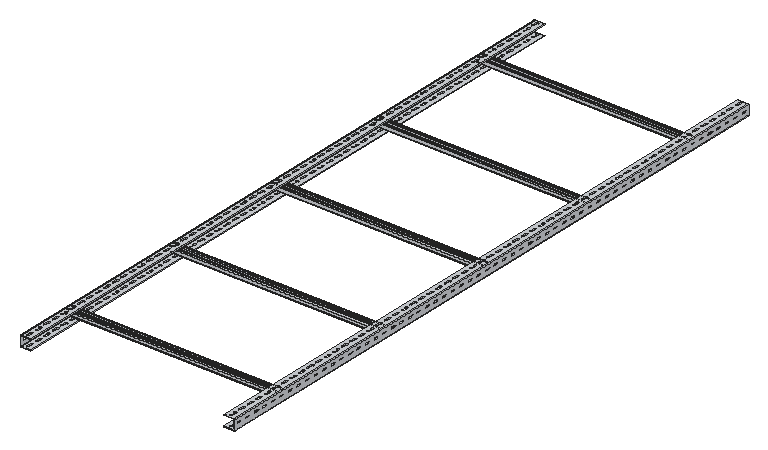
Revit family "steigeleiter_1000_FT", category Generic Models, Revit 2017 (continued)
Dimensions and locks
  locked: Extrusion 340 sketch curve to Extrusion 340 sketch curve at 11
  locked: Extrusion 341 sketch curve to Extrusion 341 sketch curve at 11
  locked: Extrusion 342 sketch curve to Extrusion 342 sketch curve at 11
  locked: Extrusion 343 sketch curve to Extrusion 343 sketch curve at 11
  locked: Extrusion 344 sketch curve to Extrusion 344 sketch curve at 11
  locked: Extrusion 345 sketch curve to Extrusion 345 sketch curve at 11
  locked: Extrusion 346 sketch curve to Extrusion 346 sketch curve at 11
  locked: Extrusion 347 sketch curve to Extrusion 347 sketch curve at 11
  locked: Extrusion 348 sketch curve to Extrusion 348 sketch curve at 11
  locked: Extrusion 349 sketch curve to Extrusion 349 sketch curve at 11
  locked: Extrusion 350 sketch curve to Extrusion 350 sketch curve at 11
  locked: Extrusion 351 sketch curve to Extrusion 351 sketch curve at 11
  locked: Extrusion 352 sketch curve to Extrusion 352 sketch curve at 11
  locked: Extrusion 353 sketch curve to Extrusion 353 sketch curve at 11
  locked: Extrusion 354 sketch curve to Extrusion 354 sketch curve at 11
  locked: Extrusion 355 sketch curve to Extrusion 355 sketch curve at 11
  locked: Extrusion 356 sketch curve to Extrusion 356 sketch curve at 11
  locked: Extrusion 357 sketch curve to Extrusion 357 sketch curve at 11
  locked: Extrusion 358 sketch curve to Extrusion 358 sketch curve at 11
  locked: Extrusion 359 sketch curve to Extrusion 359 sketch curve at 11
  locked: Extrusion 360 sketch curve to Extrusion 360 sketch curve at 11
  locked: Extrusion 361 sketch curve to Extrusion 361 sketch curve at 11
  group 357 to group 358 = 0 mm  (x2)
  group 358 to group 357 = 50 mm
  "Length 2": plane 1 "Center (Front/Back)" to plane 6
  locked: Extrusion 362 sketch curve to Extrusion 362 sketch curve at 2  (x5)
  locked: Extrusion 363 sketch curve to Extrusion 363 sketch curve at 2  (x5)
  equal spacing: group 359, group 360, group 361, group 362, group 363  (x3)
  locked: Extrusion 364 sketch curve to Extrusion 364 sketch curve at 2  (x5)
  locked: Extrusion 365 sketch curve to Extrusion 365 sketch curve at 2  (x5)
  locked: Extrusion 366 sketch curve to Extrusion 366 sketch curve at 2  (x5)
  aligned and locked: level to plane 2
  aligned and locked: Extrusion 1 sketch curve to level
  aligned and locked: level to Extrusion 1 sketch curve
  aligned and locked: plane 5 to Extrusion 1
  aligned and locked: Extrusion 1 to level
  aligned and locked: Extrusion 1 to Extrusion 2  (x2)
  aligned and locked: Extrusion 1 to Extrusion 62  (x2)
  aligned and locked: Extrusion 122 to level
  aligned and locked: Extrusion 1 to Extrusion 122
  aligned and locked: Extrusion 182 to level
  aligned and locked: cut or joined group 1 (Extrusion 1, Extrusion 2, Extrusion 3, Extrusion 4, Extrusion 5, Extrusion 6, Extrusion 7, Extrusion 8, Extrusion 9, Extrusion 10, Extrusion 11, Extrusion 12, Extrusion 13, Extrusion 14, Extrusion 15, Extrusion 16, Extrusion 17, Extrusion 18, Extrusion 19, Extrusion 20, Extrusion 21, Extrusion 22, Extrusion 23, Extrusion 24, Extrusion 25, Extrusion 26, Extrusion 27, Extrusion 28, Extrusion 29, Extrusion 30, Extrusion 31, Extrusion 32, Extrusion 33, Extrusion 34, Extrusion 35, Extrusion 36, Extrusion 37, Extrusion 38, Extrusion 39, Extrusion 40, Extrusion 41, Extrusion 42, Extrusion 43, Extrusion 44, Extrusion 45, Extrusion 46, Extrusion 47, Extrusion 48, Extrusion 49, Extrusion 50, Extrusion 51, Extrusion 52, Extrusion 53, Extrusion 54, Extrusion 55, Extrusion 56, Extrusion 57, Extrusion 58, Extrusion 59, Extrusion 60, Extrusion 61, Extrusion 62, Extrusion 63, Extrusion 64, Extrusion 65, Extrusion 66, Extrusion 67, Extrusion 68, Extrusion 69, Extrusion 70, Extrusion 71, Extrusion 72, Extrusion 73, Extrusion 74, Extrusion 75, Extrusion 76, Extrusion 77, Extrusion 78, Extrusion 79, Extrusion 80, Extrusion 81, Extrusion 82, Extrusion 83, Extrusion 84, Extrusion 85, Extrusion 86, Extrusion 87, Extrusion 88, Extrusion 89, Extrusion 90, Extrusion 91, Extrusion 92, Extrusion 93, Extrusion 94, Extrusion 95, Extrusion 96, Extrusion 97, Extrusion 98, Extrusion 99, Extrusion 100, Extrusion 101, Extrusion 102, Extrusion 103, Extrusion 104, Extrusion 105, Extrusion 106, Extrusion 107, Extrusion 108, Extrusion 109, Extrusion 110, Extrusion 111, Extrusion 112, Extrusion 113, Extrusion 114, Extrusion 115, Extrusion 116, Extrusion 117, Extrusion 118, Extrusion 119, Extrusion 120, Extrusion 121, Extrusion 122, Extrusion 123, Extrusion 124, Extrusion 125, Extrusion 126, Extrusion 127, Extrusion 128, Extrusion 129, Extrusion 130, Extrusion 131, Extrusion 132, Extrusion 133, Extrusion 134, Extrusion 135, Extrusion 136, Extrusion 137, Extrusion 138, Extrusion 139, Extrusion 140, Extrusion 141, Extrusion 142, Extrusion 143, Extrusion 144, Extrusion 145, Extrusion 146, Extrusion 147, Extrusion 148, Extrusion 149, Extrusion 150, Extrusion 151, Extrusion 152, Extrusion 153, Extrusion 154, Extrusion 155, Extrusion 156, Extrusion 157, Extrusion 158, Extrusion 159, Extrusion 160, Extrusion 161, Extrusion 162, Extrusion 163, Extrusion 164, Extrusion 165, Extrusion 166, Extrusion 167, Extrusion 168, Extrusion 169, Extrusion 170, Extrusion 171, Extrusion 172, Extrusion 173, Extrusion 174, Extrusion 175, Extrusion 176, Extrusion 177, Extrusion 178, Extrusion 179, Extrusion 180, Extrusion 181, Extrusion 182, Extrusion 183, Extrusion 184, Extrusion 185, Extrusion 186, Extrusion 187, Extrusion 188, Extrusion 189, Extrusion 190, Extrusion 191, Extrusion 192, Extrusion 193, Extrusion 194, Extrusion 195, Extrusion 196, Extrusion 197, Extrusion 198, Extrusion 199, Extrusion 200, Extrusion 201, Extrusion 202, Extrusion 203, Extrusion 204, Extrusion 205, Extrusion 206, Extrusion 207, Extrusion 208, Extrusion 209, Extrusion 210, Extrusion 211, Extrusion 212, Extrusion 213, Extrusion 214, Extrusion 215, Extrusion 216, Extrusion 217, Extrusion 218, Extrusion 219, Extrusion 220, Extrusion 221, Extrusion 222, Extrusion 223, Extrusion 224, Extrusion 225, Extrusion 226, Extrusion 227, Extrusion 228, Extrusion 229, Extrusion 230, Extrusion 231, Extrusion 232, Extrusion 233, Extrusion 234, Extrusion 235, Extrusion 236, Extrusion 237, Extrusion 238, Extrusion 239, Extrusion 240, Extrusion 241, Extrusion 242, Extrusion 243, Extrusion 244, Extrusion 245, Extrusion 246, Extrusion 247, Extrusion 248, Extrusion 249, Extrusion 250, Extrusion 251, Extrusion 252, Extrusion 253, Extrusion 254, Extrusion 255, Extrusion 256, Extrusion 257, Extrusion 258, Extrusion 259, Extrusion 260, Extrusion 261, Extrusion 262, Extrusion 263, Extrusion 264, Extrusion 265, Extrusion 266, Extrusion 267, Extrusion 268, Extrusion 269, Extrusion 270, Extrusion 271, Extrusion 272, Extrusion 273, Extrusion 274, Extrusion 275, Extrusion 276, Extrusion 277, Extrusion 278, Extrusion 279, Extrusion 280, Extrusion 281, Extrusion 282, Extrusion 283, Extrusion 284, Extrusion 285, Extrusion 286, Extrusion 287, Extrusion 288, Extrusion 289, Extrusion 290, Extrusion 291, Extrusion 292, Extrusion 293, Extrusion 294, Extrusion 295, Extrusion 296, Extrusion 297, Extrusion 298, Extrusion 299, Extrusion 300, Extrusion 301, Extrusion 302, Extrusion 303, Extrusion 304, Extrusion 305, Extrusion 306, Extrusion 307, Extrusion 308, Extrusion 309, Extrusion 310, Extrusion 311, Extrusion 312, Extrusion 313, Extrusion 314, Extrusion 315, Extrusion 316, Extrusion 317, Extrusion 318, Extrusion 319, Extrusion 320, Extrusion 321, Extrusion 322, Extrusion 323, Extrusion 324, Extrusion 325, Extrusion 326, Extrusion 327, Extrusion 328, Extrusion 329, Extrusion 330, Extrusion 331, Extrusion 332, Extrusion 333, Extrusion 334, Extrusion 335, Extrusion 336, Extrusion 337, Extrusion 338, Extrusion 339, Extrusion 340, Extrusion 341, Extrusion 342, Extrusion 343, Extrusion 344, Extrusion 345, Extrusion 346, Extrusion 347, Extrusion 348, Extrusion 349, Extrusion 350, Extrusion 351, Extrusion 352, Extrusion 353, Extrusion 354, Extrusion 355, Extrusion 356, Extrusion 357, Extrusion 358, Extrusion 359, Extrusion 360, Extrusion 361) to cut or joined group of Extrusion 1, Extrusion 2, Extrusion 3, Extrusion 4, Extrusion 5, Extrusion 6, Extrusion 7, Extrusion 8, Extrusion 9, Extrusion 10, Extrusion 11, Extrusion 12, Extrusion 13, Extrusion 14, Extrusion 15, Extrusion 16, Extrusion 17, Extrusion 18, Extrusion 19, Extrusion 20, Extrusion 21, Extrusion 22, Extrusion 23, Extrusion 24, Extrusion 25, Extrusion 26, Extrusion 27, Extrusion 28, Extrusion 29, Extrusion 30, Extrusion 31, Extrusion 32, Extrusion 33, Extrusion 34, Extrusion 35, Extrusion 36, Extrusion 37, Extrusion 38, Extrusion 39, Extrusion 40, Extrusion 41, Extrusion 42, Extrusion 43, Extrusion 44, Extrusion 45, Extrusion 46, Extrusion 47, Extrusion 48, Extrusion 49, Extrusion 50, Extrusion 51, Extrusion 52, Extrusion 53, Extrusion 54, Extrusion 55, Extrusion 56, Extrusion 57, Extrusion 58, Extrusion 59, Extrusion 60, Extrusion 61, Extrusion 62, Extrusion 63, Extrusion 64, Extrusion 65, Extrusion 66, Extrusion 67, Extrusion 68, Extrusion 69, Extrusion 70, Extrusion 71, Extrusion 72, Extrusion 73, Extrusion 74, Extrusion 75, Extrusion 76, Extrusion 77, Extrusion 78, Extrusion 79, Extrusion 80, Extrusion 81, Extrusion 82, Extrusion 83, Extrusion 84, Extrusion 85, Extrusion 86, Extrusion 87, Extrusion 88, Extrusion 89, Extrusion 90, Extrusion 91, Extrusion 92, Extrusion 93, Extrusion 94, Extrusion 95, Extrusion 96, Extrusion 97, Extrusion 98, Extrusion 99, Extrusion 100, Extrusion 101, Extrusion 102, Extrusion 103, Extrusion 104, Extrusion 105, Extrusion 106, Extrusion 107, Extrusion 108, Extrusion 109, Extrusion 110, Extrusion 111, Extrusion 112, Extrusion 113, Extrusion 114, Extrusion 115, Extrusion 116, Extrusion 117, Extrusion 118, Extrusion 119, Extrusion 120, Extrusion 121, Extrusion 122, Extrusion 123, Extrusion 124, Extrusion 125, Extrusion 126, Extrusion 127, Extrusion 128, Extrusion 129, Extrusion 130, Extrusion 131, Extrusion 132, Extrusion 133, Extrusion 134, Extrusion 135, Extrusion 136, Extrusion 137, Extrusion 138, Extrusion 139, Extrusion 140, Extrusion 141, Extrusion 142, Extrusion 143, Extrusion 144, Extrusion 145, Extrusion 146, Extrusion 147, Extrusion 148, Extrusion 149, Extrusion 150, Extrusion 151, Extrusion 152, Extrusion 153, Extrusion 154, Extrusion 155, Extrusion 156, Extrusion 157, Extrusion 158, Extrusion 159, Extrusion 160, Extrusion 161, Extrusion 162, Extrusion 163, Extrusion 164, Extrusion 165, Extrusion 166, Extrusion 167, Extrusion 168, Extrusion 169, Extrusion 170, Extrusion 171, Extrusion 172, Extrusion 173, Extrusion 174, Extrusion 175, Extrusion 176, Extrusion 177, Extrusion 178, Extrusion 179, Extrusion 180, Extrusion 181, Extrusion 182, E
    xtrusion 183, Extrusion 184, Extrusion 185, Extrusion 186, Extrusion 187, Extrusion 188, Extrusion 189, Extrusion 190, Extrusion 191, Extrusion 192, Extrusion 193, Extrusion 194, Extrusion 195, Extrusion 196, Extrusion 197, Extrusion 198, Extrusion 199, Extrusion 200, Extrusion 201, Extrusion 202, Extrusion 203, Extrusion 204, Extrusion 205, Extrusion 206, Extrusion 207, Extrusion 208, Extrusion 209, Extrusion 210, Extrusion 211, Extrusion 212, Extrusion 213, Extrusion 214, Extrusion 215, Extrusion 216, Extrusion 217, Extrusion 218, Extrusion 219, Extrusion 220, Extrusion 221, Extrusion 222, Extrusion 223, Extrusion 224, Extrusion 225, Extrusion 226, Extrusion 227, Extrusion 228, Extrusion 229, Extrusion 230, Extrusion 231, Extrusion 232, Extrusion 233, Extrusion 234, Extrusion 235, Extrusion 236, Extrusion 237, Extrusion 238, Extrusion 239, Extrusion 240, Extrusion 241, Extrusion 242, Extrusion 243, Extrusion 244, Extrusion 245, Extrusion 246, Extrusion 247, Extrusion 248, Extrusion 249, Extrusion 250, Extrusion 251, Extrusion 252, Extrusion 253, Extrusion 254, Extrusion 255, Extrusion 256, Extrusion 257, Extrusion 258, Extrusion 259, Extrusion 260, Extrusion 261, Extrusion 262, Extrusion 263, Extrusion 264, Extrusion 265, Extrusion 266, Extrusion 267, Extrusion 268, Extrusion 269, Extrusion 270, Extrusion 271, Extrusion 272, Extrusion 273, Extrusion 274, Extrusion 275, Extrusion 276, Extrusion 277, Extrusion 278, Extrusion 279, Extrusion 280, Extrusion 281, Extrusion 282, Extrusion 283, Extrusion 284, Extrusion 285, Extrusion 286, Extrusion 287, Extrusion 288, Extrusion 289, Extrusion 290, Extrusion 291, Extrusion 292, Extrusion 293, Extrusion 294, Extrusion 295, Extrusion 296, Extrusion 297, Extrusion 298, Extrusion 299, Extrusion 300, Extrusion 301, Extrusion 302, Extrusion 303, Extrusion 304, Extrusion 305, Extrusion 306, Extrusion 307, Extrusion 308, Extrusion 309, Extrusion 310, Extrusion 311, Extrusion 312, Extrusion 313, Extrusion 314, Extrusion 315, Extrusion 316, Extrusion 317, Extrusion 318, Extrusion 319, Extrusion 320, Extrusion 321, Extrusion 322, Extrusion 323, Extrusion 324, Extrusion 325, Extrusion 326, Extrusion 327, Extrusion 328, Extrusion 329, Extrusion 330, Extrusion 331, Extrusion 332, Extrusion 333, Extrusion 334, Extrusion 335, Extrusion 336, Extrusion 337, Extrusion 338, Extrusion 339, Extrusion 340, Extrusion 341, Extrusion 342, Extrusion 343, Extrusion 344, Extrusion 345, Extrusion 346, Extrusion 347, Extrusion 348, Extrusion 349, Extrusion 350, Extrusion 351, Extrusion 352, Extrusion 353, Extrusion 354, Extrusion 355, Extrusion 356, Extrusion 357, Extrusion 358, Extrusion 359, Extrusion 360, Extrusion 361  (x2)
  aligned and locked: Extrusion 362 sketch curve to Extrusion 362 sketch curve
  aligned and locked: Extrusion 362 to cut or joined group 1
  aligned and locked: cut or joined group 1 to Extrusion 362
  aligned and locked: Extrusion 363 sketch curve to Extrusion 363 sketch curve
  aligned and locked: Extrusion 364 sketch curve to Extrusion 364 sketch curve
  aligned and locked: Extrusion 365 sketch curve to Extrusion 365 sketch curve
  aligned and locked: Extrusion 366 sketch curve to Extrusion 366 sketch curve
Automatic sketch dimensions
  Extrusion 1 sketch curve to Extrusion 1 sketch curve = 1.5 mm  (x3)
  Extrusion 1 sketch curve to Extrusion 1 sketch curve = 3.273 mm
  Extrusion 1 sketch curve to Extrusion 1 sketch curve = 1.011 mm
  Extrusion 1 sketch curve to Extrusion 1 sketch curve = 1.773 mm
  Extrusion 1 sketch curve to Extrusion 1 sketch curve = 0 mm  (x2)
  Extrusion 1 sketch curve to plane 3 "Center (Left/Right)" = 450 mm
  plane 3 "Center (Left/Right)" to Extrusion 1 sketch curve = 450 mm
  Extrusion 2 sketch curve to Extrusion 2 sketch curve = 19 mm
  Extrusion 3 sketch curve to Extrusion 3 sketch curve = 19 mm
  Extrusion 4 sketch curve to Extrusion 4 sketch curve = 19 mm
  Extrusion 5 sketch curve to Extrusion 5 sketch curve = 19 mm
  Extrusion 6 sketch curve to Extrusion 6 sketch curve = 19 mm
  Extrusion 7 sketch curve to Extrusion 7 sketch curve = 19 mm
  Extrusion 8 sketch curve to Extrusion 8 sketch curve = 19 mm
  Extrusion 9 sketch curve to Extrusion 9 sketch curve = 19 mm
  Extrusion 10 sketch curve to Extrusion 10 sketch curve = 19 mm
  Extrusion 11 sketch curve to Extrusion 11 sketch curve = 19 mm
  Extrusion 12 sketch curve to Extrusion 12 sketch curve = 19 mm
  Extrusion 13 sketch curve to Extrusion 13 sketch curve = 19 mm
  Extrusion 14 sketch curve to Extrusion 14 sketch curve = 19 mm
  Extrusion 15 sketch curve to Extrusion 15 sketch curve = 19 mm
  Extrusion 16 sketch curve to Extrusion 16 sketch curve = 19 mm
  Extrusion 17 sketch curve to Extrusion 17 sketch curve = 19 mm
  Extrusion 18 sketch curve to Extrusion 18 sketch curve = 19 mm
  Extrusion 19 sketch curve to Extrusion 19 sketch curve = 19 mm
  Extrusion 20 sketch curve to Extrusion 20 sketch curve = 19 mm
  Extrusion 21 sketch curve to Extrusion 21 sketch curve = 19 mm
  Extrusion 22 sketch curve to Extrusion 22 sketch curve = 19 mm
  Extrusion 23 sketch curve to Extrusion 23 sketch curve = 19 mm
  Extrusion 24 sketch curve to Extrusion 24 sketch curve = 19 mm
  Extrusion 25 sketch curve to Extrusion 25 sketch curve = 19 mm
  Extrusion 26 sketch curve to Extrusion 26 sketch curve = 19 mm
  Extrusion 27 sketch curve to Extrusion 27 sketch curve = 19 mm
  Extrusion 28 sketch curve to Extrusion 28 sketch curve = 19 mm
  Extrusion 29 sketch curve to Extrusion 29 sketch curve = 19 mm
  Extrusion 30 sketch curve to Extrusion 30 sketch curve = 19 mm
  Extrusion 31 sketch curve to Extrusion 31 sketch curve = 19 mm
  Extrusion 32 sketch curve to Extrusion 32 sketch curve = 19 mm
  Extrusion 33 sketch curve to Extrusion 33 sketch curve = 19 mm
  Extrusion 34 sketch curve to Extrusion 34 sketch curve = 19 mm
  Extrusion 35 sketch curve to Extrusion 35 sketch curve = 19 mm
  Extrusion 36 sketch curve to Extrusion 36 sketch curve = 19 mm
  Extrusion 37 sketch curve to Extrusion 37 sketch curve = 19 mm
  Extrusion 38 sketch curve to Extrusion 38 sketch curve = 19 mm
  Extrusion 39 sketch curve to Extrusion 39 sketch curve = 19 mm
  Extrusion 40 sketch curve to Extrusion 40 sketch curve = 19 mm
  Extrusion 41 sketch curve to Extrusion 41 sketch curve = 19 mm
  Extrusion 42 sketch curve to Extrusion 42 sketch curve = 19 mm
  Extrusion 43 sketch curve to Extrusion 43 sketch curve = 19 mm
  Extrusion 44 sketch curve to Extrusion 44 sketch curve = 19 mm
  Extrusion 45 sketch curve to Extrusion 45 sketch curve = 19 mm
  Extrusion 46 sketch curve to Extrusion 46 sketch curve = 19 mm
  Extrusion 47 sketch curve to Extrusion 47 sketch curve = 19 mm
  Extrusion 48 sketch curve to Extrusion 48 sketch curve = 19 mm
  Extrusion 49 sketch curve to Extrusion 49 sketch curve = 19 mm
  Extrusion 50 sketch curve to Extrusion 50 sketch curve = 19 mm
  Extrusion 51 sketch curve to Extrusion 51 sketch curve = 19 mm
  Extrusion 52 sketch curve to Extrusion 52 sketch curve = 19 mm
  Extrusion 53 sketch curve to Extrusion 53 sketch curve = 19 mm
  Extrusion 54 sketch curve to Extrusion 54 sketch curve = 19 mm
  Extrusion 55 sketch curve to Extrusion 55 sketch curve = 19 mm
  Extrusion 56 sketch curve to Extrusion 56 sketch curve = 19 mm
  Extrusion 57 sketch curve to Extrusion 57 sketch curve = 19 mm
  Extrusion 58 sketch curve to Extrusion 58 sketch curve = 19 mm
  Extrusion 59 sketch curve to Extrusion 59 sketch curve = 19 mm
  Extrusion 60 sketch curve to Extrusion 60 sketch curve = 19 mm
  Extrusion 61 sketch curve to Extrusion 61 sketch curve = 19 mm
  Extrusion 62 sketch curve to Extrusion 62 sketch curve = 19 mm
  Extrusion 63 sketch curve to Extrusion 63 sketch curve = 19 mm
  Extrusion 64 sketch curve to Extrusion 64 sketch curve = 19 mm
  Extrusion 65 sketch curve to Extrusion 65 sketch curve = 19 mm
  Extrusion 66 sketch curve to Extrusion 66 sketch curve = 19 mm
  Extrusion 67 sketch curve to Extrusion 67 sketch curve = 19 mm
  Extrusion 68 sketch curve to Extrusion 68 sketch curve = 19 mm
  Extrusion 69 sketch curve to Extrusion 69 sketch curve = 19 mm
  Extrusion 70 sketch curve to Extrusion 70 sketch curve = 19 mm
  Extrusion 71 sketch curve to Extrusion 71 sketch curve = 19 mm
  Extrusion 72 sketch curve to Extrusion 72 sketch curve = 19 mm
  Extrusion 73 sketch curve to Extrusion 73 sketch curve = 19 mm
  Extrusion 74 sketch curve to Extrusion 74 sketch curve = 19 mm
  Extrusion 75 sketch curve to Extrusion 75 sketch curve = 19 mm
  Extrusion 76 sketch curve to Extrusion 76 sketch curve = 19 mm
  Extrusion 77 sketch curve to Extrusion 77 sketch curve = 19 mm
  Extrusion 78 sketch curve to Extrusion 78 sketch curve = 19 mm
  Extrusion 79 sketch curve to Extrusion 79 sketch curve = 19 mm
  Extrusion 80 sketch curve to Extrusion 80 sketch curve = 19 mm
  Extrusion 81 sketch curve to Extrusion 81 sketch curve = 19 mm
  Extrusion 82 sketch curve to Extrusion 82 sketch curve = 19 mm
  Extrusion 83 sketch curve to Extrusion 83 sketch curve = 19 mm
  Extrusion 84 sketch curve to Extrusion 84 sketch curve = 19 mm
  Extrusion 85 sketch curve to Extrusion 85 sketch curve = 19 mm
  Extrusion 86 sketch curve to Extrusion 86 sketch curve = 19 mm
  Extrusion 87 sketch curve to Extrusion 87 sketch curve = 19 mm
  Extrusion 88 sketch curve to Extrusion 88 sketch curve = 19 mm
  Extrusion 89 sketch curve to Extrusion 89 sketch curve = 19 mm
  Extrusion 90 sketch curve to Extrusion 90 sketch curve = 19 mm
  Extrusion 91 sketch curve to Extrusion 91 sketch curve = 19 mm
  Extrusion 92 sketch curve to Extrusion 92 sketch curve = 19 mm
  Extrusion 93 sketch curve to Extrusion 93 sketch curve = 19 mm
  Extrusion 94 sketch curve to Extrusion 94 sketch curve = 19 mm
  Extrusion 95 sketch curve to Extrusion 95 sketch curve = 19 mm
  Extrusion 96 sketch curve to Extrusion 96 sketch curve = 19 mm
  Extrusion 97 sketch curve to Extrusion 97 sketch curve = 19 mm
  Extrusion 98 sketch curve to Extrusion 98 sketch curve = 19 mm
  Extrusion 99 sketch curve to Extrusion 99 sketch curve = 19 mm
  Extrusion 100 sketch curve to Extrusion 100 sketch curve = 19 mm
  Extrusion 101 sketch curve to Extrusion 101 sketch curve = 19 mm
  Extrusion 102 sketch curve to Extrusion 102 sketch curve = 19 mm
  Extrusion 103 sketch curve to Extrusion 103 sketch curve = 19 mm
  Extrusion 104 sketch curve to Extrusion 104 sketch curve = 19 mm
  Extrusion 105 sketch curve to Extrusion 105 sketch curve = 19 mm
  Extrusion 106 sketch curve to Extrusion 106 sketch curve = 19 mm
  Extrusion 107 sketch curve to Extrusion 107 sketch curve = 19 mm
  Extrusion 108 sketch curve to Extrusion 108 sketch curve = 19 mm
  Extrusion 109 sketch curve to Extrusion 109 sketch curve = 19 mm
  Extrusion 110 sketch curve to Extrusion 110 sketch curve = 19 mm
  Extrusion 111 sketch curve to Extrusion 111 sketch curve = 19 mm
  Extrusion 112 sketch curve to Extrusion 112 sketch curve = 19 mm
  Extrusion 113 sketch curve to Extrusion 113 sketch curve = 19 mm
  Extrusion 114 sketch curve to Extrusion 114 sketch curve = 19 mm
  Extrusion 115 sketch curve to Extrusion 115 sketch curve = 19 mm
  Extrusion 116 sketch curve to Extrusion 116 sketch curve = 19 mm
  Extrusion 117 sketch curve to Extrusion 117 sketch curve = 19 mm
  Extrusion 118 sketch curve to Extrusion 118 sketch curve = 19 mm
  Extrusion 119 sketch curve to Extrusion 119 sketch curve = 19 mm
  Extrusion 120 sketch curve to Extrusion 120 sketch curve = 19 mm
  Extrusion 121 sketch curve to Extrusion 121 sketch curve = 19 mm
  Extrusion 2 sketch curve to plane 1 "Center (Front/Back)" = 15.5 mm
  Extrusion 2 sketch curve to plane 3 "Center (Left/Right)" = 480.5 mm
  Extrusion 122 sketch curve to Extrusion 122 sketch curve = 19 mm
  Extrusion 123 sketch curve to Extrusion 123 sketch curve = 19 mm
  Extrusion 124 sketch curve to Extrusion 124 sketch curve = 19 mm
  Extrusion 125 sketch curve to Extrusion 125 sketch curve = 19 mm
  Extrusion 126 sketch curve to Extrusion 126 sketch curve = 19 mm
  Extrusion 127 sketch curve to Extrusion 127 sketch curve = 19 mm
  Extrusion 128 sketch curve to Extrusion 128 sketch curve = 19 mm
  Extrusion 129 sketch curve to Extrusion 129 sketch curve = 19 mm
  Extrusion 130 sketch curve to Extrusion 130 sketch curve = 19 mm
  Extrusion 131 sketch curve to Extrusion 131 sketch curve = 19 mm
  Extrusion 132 sketch curve to Extrusion 132 sketch curve = 19 mm
  Extrusion 133 sketch curve to Extrusion 133 sketch curve = 19 mm
  Extrusion 134 sketch curve to Extrusion 134 sketch curve = 19 mm
  Extrusion 135 sketch curve to Extrusion 135 sketch curve = 19 mm
  Extrusion 136 sketch curve to Extrusion 136 sketch curve = 19 mm
  Extrusion 137 sketch curve to Extrusion 137 sketch curve = 19 mm
  Extrusion 138 sketch curve to Extrusion 138 sketch curve = 19 mm
  Extrusion 139 sketch curve to Extrusion 139 sketch curve = 19 mm
  Extrusion 140 sketch curve to Extrusion 140 sketch curve = 19 mm
  Extrusion 141 sketch curve to Extrusion 141 sketch curve = 19 mm
  Extrusion 142 sketch curve to Extrusion 142 sketch curve = 19 mm
  Extrusion 143 sketch curve to Extrusion 143 sketch curve = 19 mm
  Extrusion 144 sketch curve to Extrusion 144 sketch curve = 19 mm
  Extrusion 145 sketch curve to Extrusion 145 sketch curve = 19 mm
  Extrusion 146 sketch curve to Extrusion 146 sketch curve = 19 mm
  Extrusion 147 sketch curve to Extrusion 147 sketch curve = 19 mm
  Extrusion 148 sketch curve to Extrusion 148 sketch curve = 19 mm
  Extrusion 149 sketch curve to Extrusion 149 sketch curve = 19 mm
  Extrusion 150 sketch curve to Extrusion 150 sketch curve = 19 mm
  Extrusion 151 sketch curve to Extrusion 151 sketch curve = 19 mm
  Extrusion 152 sketch curve to Extrusion 152 sketch curve = 19 mm
  Extrusion 153 sketch curve to Extrusion 153 sketch curve = 19 mm
  Extrusion 154 sketch curve to Extrusion 154 sketch curve = 19 mm
  Extrusion 155 sketch curve to Extrusion 155 sketch curve = 19 mm
  Extrusion 156 sketch curve to Extrusion 156 sketch curve = 19 mm
  Extrusion 157 sketch curve to Extrusion 157 sketch curve = 19 mm
  Extrusion 158 sketch curve to Extrusion 158 sketch curve = 19 mm
  Extrusion 159 sketch curve to Extrusion 159 sketch curve = 19 mm
  Extrusion 160 sketch curve to Extrusion 160 sketch curve = 19 mm
  Extrusion 161 sketch curve to Extrusion 161 sketch curve = 19 mm
  Extrusion 162 sketch curve to Extrusion 162 sketch curve = 19 mm
  Extrusion 163 sketch curve to Extrusion 163 sketch curve = 19 mm
  Extrusion 164 sketch curve to Extrusion 164 sketch curve = 19 mm
  Extrusion 165 sketch curve to Extrusion 165 sketch curve = 19 mm
  Extrusion 166 sketch curve to Extrusion 166 sketch curve = 19 mm
  Extrusion 167 sketch curve to Extrusion 167 sketch curve = 19 mm
  Extrusion 168 sketch curve to Extrusion 168 sketch curve = 19 mm
  Extrusion 169 sketch curve to Extrusion 169 sketch curve = 19 mm
  Extrusion 170 sketch curve to Extrusion 170 sketch curve = 19 mm
  Extrusion 171 sketch curve to Extrusion 171 sketch curve = 19 mm
  Extrusion 172 sketch curve to Extrusion 172 sketch curve = 19 mm
  Extrusion 173 sketch curve to Extrusion 173 sketch curve = 19 mm
  Extrusion 174 sketch curve to Extrusion 174 sketch curve = 19 mm
  Extrusion 175 sketch curve to Extrusion 175 sketch curve = 19 mm
  Extrusion 176 sketch curve to Extrusion 176 sketch curve = 19 mm
  Extrusion 177 sketch curve to Extrusion 177 sketch curve = 19 mm
  Extrusion 178 sketch curve to Extrusion 178 sketch curve = 19 mm
  Extrusion 179 sketch curve to Extrusion 179 sketch curve = 19 mm
  Extrusion 180 sketch curve to Extrusion 180 sketch curve = 19 mm
  Extrusion 181 sketch curve to Extrusion 181 sketch curve = 19 mm
  Extrusion 62 sketch curve to plane 1 "Center (Front/Back)" = 15.5 mm
  plane 3 "Center (Left/Right)" to Extrusion 62 sketch curve = 469.5 mm
  Extrusion 182 sketch curve to Extrusion 182 sketch curve = 19 mm
  Extrusion 183 sketch curve to Extrusion 183 sketch curve = 19 mm
  Extrusion 184 sketch curve to Extrusion 184 sketch curve = 19 mm
  Extrusion 185 sketch curve to Extrusion 185 sketch curve = 19 mm
  Extrusion 186 sketch curve to Extrusion 186 sketch curve = 19 mm
  Extrusion 187 sketch curve to Extrusion 187 sketch curve = 19 mm
  Extrusion 188 sketch curve to Extrusion 188 sketch curve = 19 mm
  Extrusion 189 sketch curve to Extrusion 189 sketch curve = 19 mm
  Extrusion 190 sketch curve to Extrusion 190 sketch curve = 19 mm
  Extrusion 191 sketch curve to Extrusion 191 sketch curve = 19 mm
  Extrusion 192 sketch curve to Extrusion 192 sketch curve = 19 mm
  Extrusion 193 sketch curve to Extrusion 193 sketch curve = 19 mm
  Extrusion 194 sketch curve to Extrusion 194 sketch curve = 19 mm
  Extrusion 195 sketch curve to Extrusion 195 sketch curve = 19 mm
  Extrusion 196 sketch curve to Extrusion 196 sketch curve = 19 mm
  Extrusion 197 sketch curve to Extrusion 197 sketch curve = 19 mm
  Extrusion 198 sketch curve to Extrusion 198 sketch curve = 19 mm
  Extrusion 199 sketch curve to Extrusion 199 sketch curve = 19 mm
  Extrusion 200 sketch curve to Extrusion 200 sketch curve = 19 mm
  Extrusion 201 sketch curve to Extrusion 201 sketch curve = 19 mm
  Extrusion 202 sketch curve to Extrusion 202 sketch curve = 19 mm
  Extrusion 203 sketch curve to Extrusion 203 sketch curve = 19 mm
  Extrusion 204 sketch curve to Extrusion 204 sketch curve = 19 mm
  Extrusion 205 sketch curve to Extrusion 205 sketch curve = 19 mm
  Extrusion 206 sketch curve to Extrusion 206 sketch curve = 19 mm
  Extrusion 207 sketch curve to Extrusion 207 sketch curve = 19 mm
  Extrusion 208 sketch curve to Extrusion 208 sketch curve = 19 mm
  Extrusion 209 sketch curve to Extrusion 209 sketch curve = 19 mm
  Extrusion 210 sketch curve to Extrusion 210 sketch curve = 19 mm
  Extrusion 211 sketch curve to Extrusion 211 sketch curve = 19 mm
  Extrusion 212 sketch curve to Extrusion 212 sketch curve = 19 mm
  Extrusion 213 sketch curve to Extrusion 213 sketch curve = 19 mm
  Extrusion 214 sketch curve to Extrusion 214 sketch curve = 19 mm
  Extrusion 215 sketch curve to Extrusion 215 sketch curve = 19 mm
  Extrusion 216 sketch curve to Extrusion 216 sketch curve = 19 mm
  Extrusion 217 sketch curve to Extrusion 217 sketch curve = 19 mm
  Extrusion 218 sketch curve to Extrusion 218 sketch curve = 19 mm
  Extrusion 219 sketch curve to Extrusion 219 sketch curve = 19 mm
  Extrusion 220 sketch curve to Extrusion 220 sketch curve = 19 mm
  Extrusion 221 sketch curve to Extrusion 221 sketch curve = 19 mm
  Extrusion 222 sketch curve to Extrusion 222 sketch curve = 19 mm
  Extrusion 223 sketch curve to Extrusion 223 sketch curve = 19 mm
  Extrusion 224 sketch curve to Extrusion 224 sketch curve = 19 mm
  Extrusion 225 sketch curve to Extrusion 225 sketch curve = 19 mm
  Extrusion 226 sketch curve to Extrusion 226 sketch curve = 19 mm
  Extrusion 227 sketch curve to Extrusion 227 sketch curve = 19 mm
  Extrusion 228 sketch curve to Extrusion 228 sketch curve = 19 mm
  Extrusion 229 sketch curve to Extrusion 229 sketch curve = 19 mm
  Extrusion 230 sketch curve to Extrusion 230 sketch curve = 19 mm
  Extrusion 231 sketch curve to Extrusion 231 sketch curve = 19 mm
  Extrusion 232 sketch curve to Extrusion 232 sketch curve = 19 mm
  Extrusion 233 sketch curve to Extrusion 233 sketch curve = 19 mm
  Extrusion 234 sketch curve to Extrusion 234 sketch curve = 19 mm
  Extrusion 235 sketch curve to Extrusion 235 sketch curve = 19 mm
  Extrusion 236 sketch curve to Extrusion 236 sketch curve = 19 mm
  Extrusion 237 sketch curve to Extrusion 237 sketch curve = 19 mm
  Extrusion 238 sketch curve to Extrusion 238 sketch curve = 19 mm
  Extrusion 239 sketch curve to Extrusion 239 sketch curve = 19 mm
  Extrusion 240 sketch curve to Extrusion 240 sketch curve = 19 mm
  Extrusion 241 sketch curve to Extrusion 241 sketch curve = 19 mm
  Extrusion 242 sketch curve to Extrusion 242 sketch curve = 19 mm
  Extrusion 243 sketch curve to Extrusion 243 sketch curve = 19 mm
  Extrusion 244 sketch curve to Extrusion 244 sketch curve = 19 mm
  Extrusion 245 sketch curve to Extrusion 245 sketch curve = 19 mm
  Extrusion 246 sketch curve to Extrusion 246 sketch curve = 19 mm
  Extrusion 247 sketch curve to Extrusion 247 sketch curve = 19 mm
  Extrusion 248 sketch curve to Extrusion 248 sketch curve = 19 mm
  Extrusion 249 sketch curve to Extrusion 249 sketch curve = 19 mm
  Extrusion 250 sketch curve to Extrusion 250 sketch curve = 19 mm
  Extrusion 251 sketch curve to Extrusion 251 sketch curve = 19 mm
  Extrusion 252 sketch curve to Extrusion 252 sketch curve = 19 mm
  Extrusion 253 sketch curve to Extrusion 253 sketch curve = 19 mm
  Extrusion 254 sketch curve to Extrusion 254 sketch curve = 19 mm
  Extrusion 255 sketch curve to Extrusion 255 sketch curve = 19 mm
  Extrusion 256 sketch curve to Extrusion 256 sketch curve = 19 mm
  Extrusion 257 sketch curve to Extrusion 257 sketch curve = 19 mm
  Extrusion 258 sketch curve to Extrusion 258 sketch curve = 19 mm
  Extrusion 259 sketch curve to Extrusion 259 sketch curve = 19 mm
  Extrusion 260 sketch curve to Extrusion 260 sketch curve = 19 mm
  Extrusion 261 sketch curve to Extrusion 261 sketch curve = 19 mm
  Extrusion 262 sketch curve to Extrusion 262 sketch curve = 19 mm
  Extrusion 263 sketch curve to Extrusion 263 sketch curve = 19 mm
  Extrusion 264 sketch curve to Extrusion 264 sketch curve = 19 mm
  Extrusion 265 sketch curve to Extrusion 265 sketch curve = 19 mm
  Extrusion 266 sketch curve to Extrusion 266 sketch curve = 19 mm
  Extrusion 267 sketch curve to Extrusion 267 sketch curve = 19 mm
  Extrusion 268 sketch curve to Extrusion 268 sketch curve = 19 mm
  Extrusion 269 sketch curve to Extrusion 269 sketch curve = 19 mm
  Extrusion 270 sketch curve to Extrusion 270 sketch curve = 19 mm
  Extrusion 271 sketch curve to Extrusion 271 sketch curve = 19 mm
  Extrusion 272 sketch curve to Extrusion 272 sketch curve = 19 mm
  Extrusion 273 sketch curve to Extrusion 273 sketch curve = 19 mm
  Extrusion 274 sketch curve to Extrusion 274 sketch curve = 19 mm
  Extrusion 275 sketch curve to Extrusion 275 sketch curve = 19 mm
  Extrusion 276 sketch curve to Extrusion 276 sketch curve = 19 mm
  Extrusion 277 sketch curve to Extrusion 277 sketch curve = 19 mm
  Extrusion 278 sketch curve to Extrusion 278 sketch curve = 19 mm
  Extrusion 279 sketch curve to Extrusion 279 sketch curve = 19 mm
  Extrusion 280 sketch curve to Extrusion 280 sketch curve = 19 mm
  Extrusion 281 sketch curve to Extrusion 281 sketch curve = 19 mm
  Extrusion 282 sketch curve to Extrusion 282 sketch curve = 19 mm
  Extrusion 283 sketch curve to Extrusion 283 sketch curve = 19 mm
  Extrusion 284 sketch curve to Extrusion 284 sketch curve = 19 mm
  Extrusion 285 sketch curve to Extrusion 285 sketch curve = 19 mm
  Extrusion 286 sketch curve to Extrusion 286 sketch curve = 19 mm
  Extrusion 287 sketch curve to Extrusion 287 sketch curve = 19 mm
  Extrusion 288 sketch curve to Extrusion 288 sketch curve = 19 mm
  Extrusion 289 sketch curve to Extrusion 289 sketch curve = 19 mm
  Extrusion 290 sketch curve to Extrusion 290 sketch curve = 19 mm
  Extrusion 291 sketch curve to Extrusion 291 sketch curve = 19 mm
  Extrusion 292 sketch curve to Extrusion 292 sketch curve = 19 mm
  Extrusion 293 sketch curve to Extrusion 293 sketch curve = 19 mm
  Extrusion 294 sketch curve to Extrusion 294 sketch curve = 19 mm
  Extrusion 295 sketch curve to Extrusion 295 sketch curve = 19 mm
  Extrusion 296 sketch curve to Extrusion 296 sketch curve = 19 mm
  Extrusion 297 sketch curve to Extrusion 297 sketch curve = 19 mm
  Extrusion 298 sketch curve to Extrusion 298 sketch curve = 19 mm
  Extrusion 299 sketch curve to Extrusion 299 sketch curve = 19 mm
  Extrusion 300 sketch curve to Extrusion 300 sketch curve = 19 mm
  Extrusion 301 sketch curve to Extrusion 301 sketch curve = 19 mm
  Extrusion 302 sketch curve to Extrusion 302 sketch curve = 19 mm
  Extrusion 303 sketch curve to Extrusion 303 sketch curve = 19 mm
  Extrusion 304 sketch curve to Extrusion 304 sketch curve = 19 mm
  Extrusion 305 sketch curve to Extrusion 305 sketch curve = 19 mm
  Extrusion 306 sketch curve to Extrusion 306 sketch curve = 19 mm
  Extrusion 307 sketch curve to Extrusion 307 sketch curve = 19 mm
  Extrusion 308 sketch curve to Extrusion 308 sketch curve = 19 mm
  Extrusion 309 sketch curve to Extrusion 309 sketch curve = 19 mm
  Extrusion 310 sketch curve to Extrusion 310 sketch curve = 19 mm
  Extrusion 311 sketch curve to Extrusion 311 sketch curve = 19 mm
  Extrusion 312 sketch curve to Extrusion 312 sketch curve = 19 mm
  Extrusion 313 sketch curve to Extrusion 313 sketch curve = 19 mm
  Extrusion 314 sketch curve to Extrusion 314 sketch curve = 19 mm
  Extrusion 315 sketch curve to Extrusion 315 sketch curve = 19 mm
  Extrusion 316 sketch curve to Extrusion 316 sketch curve = 19 mm
  Extrusion 317 sketch curve to Extrusion 317 sketch curve = 19 mm
  Extrusion 318 sketch curve to Extrusion 318 sketch curve = 19 mm
  Extrusion 319 sketch curve to Extrusion 319 sketch curve = 19 mm
  Extrusion 320 sketch curve to Extrusion 320 sketch curve = 19 mm
  Extrusion 321 sketch curve to Extrusion 321 sketch curve = 19 mm
  Extrusion 322 sketch curve to Extrusion 322 sketch curve = 19 mm
  Extrusion 323 sketch curve to Extrusion 323 sketch curve = 19 mm
  Extrusion 324 sketch curve to Extrusion 324 sketch curve = 19 mm
  Extrusion 325 sketch curve to Extrusion 325 sketch curve = 19 mm
  Extrusion 326 sketch curve to Extrusion 326 sketch curve = 19 mm
  Extrusion 327 sketch curve to Extrusion 327 sketch curve = 19 mm
  Extrusion 328 sketch curve to Extrusion 328 sketch curve = 19 mm
  Extrusion 329 sketch curve to Extrusion 329 sketch curve = 19 mm
  Extrusion 330 sketch curve to Extrusion 330 sketch curve = 19 mm
  Extrusion 331 sketch curve to Extrusion 331 sketch curve = 19 mm
  Extrusion 332 sketch curve to Extrusion 332 sketch curve = 19 mm
  Extrusion 333 sketch curve to Extrusion 333 sketch curve = 19 mm
  Extrusion 334 sketch curve to Extrusion 334 sketch curve = 19 mm
  Extrusion 335 sketch curve to Extrusion 335 sketch curve = 19 mm
  Extrusion 336 sketch curve to Extrusion 336 sketch curve = 19 mm
  Extrusion 337 sketch curve to Extrusion 337 sketch curve = 19 mm
  Extrusion 338 sketch curve to Extrusion 338 sketch curve = 19 mm
  Extrusion 339 sketch curve to Extrusion 339 sketch curve = 19 mm
  Extrusion 340 sketch curve to Extrusion 340 sketch curve = 19 mm
  Extrusion 341 sketch curve to Extrusion 341 sketch curve = 19 mm
  Extrusion 342 sketch curve to Extrusion 342 sketch curve = 19 mm
  Extrusion 343 sketch curve to Extrusion 343 sketch curve = 19 mm
  Extrusion 344 sketch curve to Extrusion 344 sketch curve = 19 mm
  Extrusion 345 sketch curve to Extrusion 345 sketch curve = 19 mm
  Extrusion 346 sketch curve to Extrusion 346 sketch curve = 19 mm
  Extrusion 347 sketch curve to Extrusion 347 sketch curve = 19 mm
  Extrusion 348 sketch curve to Extrusion 348 sketch curve = 19 mm
  Extrusion 349 sketch curve to Extrusion 349 sketch curve = 19 mm
  Extrusion 350 sketch curve to Extrusion 350 sketch curve = 19 mm
  Extrusion 351 sketch curve to Extrusion 351 sketch curve = 19 mm
  Extrusion 352 sketch curve to Extrusion 352 sketch curve = 19 mm
  Extrusion 353 sketch curve to Extrusion 353 sketch curve = 19 mm
  Extrusion 354 sketch curve to Extrusion 354 sketch curve = 19 mm
  Extrusion 355 sketch curve to Extrusion 355 sketch curve = 19 mm
  Extrusion 356 sketch curve to Extrusion 356 sketch curve = 19 mm
  Extrusion 357 sketch curve to Extrusion 357 sketch curve = 19 mm
  Extrusion 358 sketch curve to Extrusion 358 sketch curve = 19 mm
  Extrusion 359 sketch curve to Extrusion 359 sketch curve = 19 mm
  Extrusion 360 sketch curve to Extrusion 360 sketch curve = 19 mm
  Extrusion 361 sketch curve to Extrusion 361 sketch curve = 19 mm
  Extrusion 362 sketch curve to Extrusion 362 sketch curve = 0 mm  (x20)
  Extrusion 362 sketch curve to Extrusion 362 sketch curve = 2 mm  (x4)
  Extrusion 362 sketch curve to Extrusion 362 sketch curve = 4 mm  (x2)
  Extrusion 362 sketch curve to Extrusion 362 sketch curve = 1 mm  (x2)
  Extrusion 362 sketch curve to Extrusion 362 sketch curve = 18 mm
  Extrusion 362 sketch curve to Extrusion 362 sketch curve = 13 mm  (x2)
  Extrusion 362 sketch curve to Extrusion 362 sketch curve = 1.5 mm
  Extrusion 363 sketch curve to Extrusion 363 sketch curve = 0 mm  (x20)
  Extrusion 363 sketch curve to Extrusion 363 sketch curve = 2 mm  (x4)
  Extrusion 363 sketch curve to Extrusion 363 sketch curve = 4 mm  (x2)
  Extrusion 363 sketch curve to Extrusion 363 sketch curve = 1 mm  (x2)
  Extrusion 363 sketch curve to Extrusion 363 sketch curve = 18 mm
  Extrusion 363 sketch curve to Extrusion 363 sketch curve = 13 mm  (x2)
  Extrusion 363 sketch curve to Extrusion 363 sketch curve = 1.5 mm
  Extrusion 364 sketch curve to Extrusion 364 sketch curve = 0 mm  (x20)
  Extrusion 364 sketch curve to Extrusion 364 sketch curve = 2 mm  (x4)
  Extrusion 364 sketch curve to Extrusion 364 sketch curve = 4 mm  (x2)
  Extrusion 364 sketch curve to Extrusion 364 sketch curve = 1 mm  (x2)
  Extrusion 364 sketch curve to Extrusion 364 sketch curve = 18 mm
  Extrusion 364 sketch curve to Extrusion 364 sketch curve = 13 mm  (x2)
  Extrusion 364 sketch curve to Extrusion 364 sketch curve = 1.5 mm
  Extrusion 365 sketch curve to Extrusion 365 sketch curve = 0 mm  (x20)
  Extrusion 365 sketch curve to Extrusion 365 sketch curve = 2 mm  (x4)
  Extrusion 365 sketch curve to Extrusion 365 sketch curve = 4 mm  (x2)
  Extrusion 365 sketch curve to Extrusion 365 sketch curve = 1 mm  (x2)
  Extrusion 365 sketch curve to Extrusion 365 sketch curve = 18 mm
  Extrusion 365 sketch curve to Extrusion 365 sketch curve = 13 mm  (x2)
  Extrusion 365 sketch curve to Extrusion 365 sketch curve = 1.5 mm
  Extrusion 366 sketch curve to Extrusion 366 sketch curve = 0 mm  (x20)
  Extrusion 366 sketch curve to Extrusion 366 sketch curve = 2 mm  (x4)
  Extrusion 366 sketch curve to Extrusion 366 sketch curve = 4 mm  (x2)
  Extrusion 366 sketch curve to Extrusion 366 sketch curve = 1 mm  (x2)
  Extrusion 366 sketch curve to Extrusion 366 sketch curve = 18 mm
  Extrusion 366 sketch curve to Extrusion 366 sketch curve = 13 mm  (x2)
  Extrusion 366 sketch curve to Extrusion 366 sketch curve = 1.5 mm
